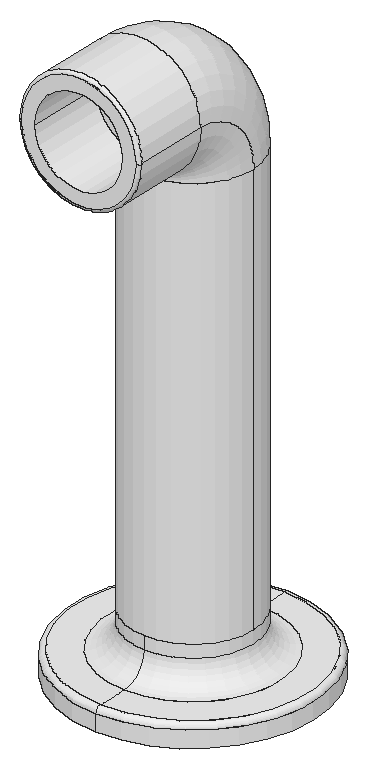
Revit family "Spout-American_Standard-Studio_S-8888_Series", category Plumbing Fixtures, host Face, Revit 2018
Family settings
  Host = Face
  Round Connector Dimension = Use Diameter
  Part Type = Normal
  OmniClass Number = 23.45.05.14.17
  OmniClass Title = Showers
  Cut with Voids When Loaded = No
  Shared = Yes
  Room Calculation Point = No
Parameters (values of type "8888.316")
  Width = 2 3/4"  # constant formula
  Water Connection Radius = 1/4"  # constant formula
  Water Connection Diameter = Water Connection Radius * 2  # 1/2"
  Waste Connection = yes
  Warranty Information = "Limited Lifetime Function and Finish Warranty"  # constant formula
  WFU = 4  # constant formula
  Vent Connection = no
  URL = "https://www.americanstandard-us.com/"
  Type Comments = ""
  Product Page URL = "https://www.americanstandard-us.com/bathroom/shower-faucets/studio-s-slip-on-diverter-tub-spout-32028"
  Price = "Prices may vary. Please consult Manufacturer Representative for most up-to-date price list."  # constant formula
  Pop-up handle = no
  Model = "8888.316"
  Material = "Metal-American Standard-002-Polished Chrome"
  Manufacturer = "American Standard"  # constant formula
  Length = 6 1/8"  # constant formula
  Installation Type = "Wall Mounted"  # constant formula
  HWFU = 3  # constant formula
  HW Connection = yes
  Finish = Metal-American Standard-002-Polished Chrome
  Description = "Slip-On Non-Diverter Tub Spout"
  Default Elevation = 21"  # constant formula
  Creation Date = "01/11/2018"  # constant formula
  CWFU = 3  # constant formula
  CW Connection = yes
  Assembly Code = "D2020300"
Types (5): name | Pop-up handle | Model | Description
  (no name) | no | "8888.316" | "Slip-On Non-Diverter Tub Spout"
  8888.316 | no | "8888.316" | "Slip-On Non-Diverter Tub Spout"
  8888.317 | no | "8888.317" | "Non-Diverter 1/2 IPS Tub Spout"
  8888.318 | yes | "8888.318" | "Slip-On-Diverter Tub Spout"
  8888.319 | yes | "8888.319" | "Diverter 1/2 IPS Tub Spout"
Reference planes (in)
  plane 1 "Center (Front/Back)": y = 0
  plane 2: z = 0
  plane 3 "Center (Left/Right)": x = 0
  plane 4: z = 6.125
  plane 5: y = -1.375
  plane 6: y = 1.375
Forms (in)
  Revolve 1, solid, material "Metal-American Standard-002-Polished Chrome" <- "Finish"
    sketch origin (0, 0, 0) x (0, 1, 0) y (0, 0, 1)
      loop
        line (-1.375, 0) -> (0, 0) -> (0, 0.67712) -> (-0.68766, 0.67712) -> (-0.68766, 0.5358)
        arc (-0.68766, 0.5358) -> (-0.77137, 0.33371) -> (-0.97346, 0.25) r 0.2858
        line (-0.97346, 0.25) -> (-1.3127, 0.25)
        arc (-1.3127, 0.25) -> (-1.35675, 0.23175) -> (-1.375, 0.1877) r 0.0623
        line (-1.375, 0.1877) -> (-1.375, 0)
      axis (0, 0.67712) -> (0, 0)
    angle from 0 to 360
  Sweep 2, solid, material "Metal-American Standard-002-Polished Chrome" <- "Finish"
    path origin (0, 0, 0) x (0, 1, 0) y (0, 0, 1)
      loop
        line (0, 0.67712) -> (0, 5.375)
        arc (0, 5.375) -> (-0.21967, 5.90533) -> (-0.75, 6.125) r 0.75
        line (-0.75, 6.125) -> (-1.62033, 6.125)
    profile origin (0, 0, 3.02606) x (0, -1, 0) y (1, 0, 0)
      loop
        circle (0, 0) r 0.68766
  Revolve 3, solid, material "Metal-American Standard-002-Polished Chrome" <- "Finish", visible <- "Pop-up handle"
    sketch origin (0, 22.29942, 1) x (0, 1, 0) y (0, 0, 1)
      loop
        line (-22.11317, 5.38267) -> (-22.11317, 5.125) -> (-21.1241, 5.125)
        arc (-21.1241, 5.125) -> (-21.12565, 5.24508) -> (-21.13979, 5.36434) r 1.14382
        arc (-21.13979, 5.36434) -> (-21.14732, 5.37748) -> (-21.16155, 5.38267) r 0.02208
        line (-21.16155, 5.38267) -> (-22.11317, 5.38267)
      axis (-22.11317, 5.125) -> (-21.1241, 5.125)
    angle from 0 to 360
  Sweep 4, void
    path origin (0, -1.62033, 6.125) x (1, 0, 0) y (0, 0, 1)
      loop
        circle (0, 0) r 0.68766
    profile origin (0, -1.62033, 5.43734) x (0, 0, -1) y (0, -1, 0)
      loop
        line (0, 0) -> (-0.03547, 0)
        arc (-0.03547, 0) -> (-0.01039, -0.01039) -> (0, -0.03547) r 0.03547
        line (0, -0.03547) -> (0, 0)
  Extrusion 5, void
    sketch origin (0, 0, 0) x (1, 0, 0) y (0, 0, 1)
      loop
        circle (0, 6.125) r 0.5
    from 0.76092 to 1.62033
Cuts and joins
  Sweep 4, Extrusion 5 cuts Revolve 1
  Sweep 4, Extrusion 5 cuts Sweep 2
  joined: Revolve 1, Sweep 2
Lines and regions (in)
  Masking region 1
    outline origin (0, 0, 0) x (1, 0, 0) y (0, 0, 1)
      loop
        line (1.375, 0) -> (1.375, 0.19153)
        arc (1.375, 0.19153) -> (1.35766, 0.23339) -> (1.3158, 0.25073) r 0.0592
        line (1.3158, 0.25073) -> (0.97708, 0.25073)
        arc (0.97708, 0.25073) -> (0.77391, 0.33489) -> (0.68975, 0.53806) r 0.28733
        line (0.68975, 0.53806) -> (0.68975, 6.125)
        arc (0.68975, 6.125) -> (0, 6.81475) -> (-0.68975, 6.125) r 0.68975
        line (-0.68975, 6.125) -> (-0.68975, 0.53806)
        arc (-0.68975, 0.53806) -> (-0.77391, 0.33489) -> (-0.97708, 0.25073) r 0.28733
        line (-0.97708, 0.25073) -> (-1.3158, 0.25073)
        arc (-1.3158, 0.25073) -> (-1.35766, 0.23339) -> (-1.375, 0.19153) r 0.0592
        line (-1.375, 0.19153) -> (-1.375, 0) -> (1.375, 0)
  symbolic lines, visible <- "Pop-up handle", detail levels medium+fine
    curve 1: circle (0, 0, 6.125) r 0.25 normal (0, -1, 0)
  symbolic lines, detail levels medium+fine
    curve 2: line (0.97708, 0, 0.25073) -> (-0.97708, 0, 0.25073)
Dimensions and locks (in)
  "Length": plane 2 to plane 4
  "Width": plane 6 to plane 5
  plane 1 "Center (Front/Back)" to cut or joined group of Revolve 1, Sweep 2, Sweep 4, Extrusion 5 = 1.62033"
  aligned and locked: plane 2 to host face
  aligned and locked: level to host face
  aligned and locked: Sweep 2 to Extrusion 5
Automatic sketch dimensions
  host sketch curve to host sketch curve = 96"  (x2)
  Revolve 1 sketch curve to plane 5 = 0"
  Revolve 1 sketch curve to plane 1 "Center (Front/Back)" = 0"  (x2)
  Revolve 1 sketch curve to level = 0"
  plane 5 to Revolve 1 sketch curve = 0.0623"
  plane 5 to Revolve 1 sketch curve = 0.40154"
  Revolve 1 sketch curve to Revolve 1 sketch curve = 0.2858"
  Revolve 1 sketch curve to Revolve 1 sketch curve = 0.1877"
  Revolve 1 sketch curve to Revolve 1 sketch curve = 0.14132"
  Revolve 1 sketch curve to plane 4 = 1.07908"
  Revolve 1 sketch curve to Revolve 1 sketch curve = 1/2"
  plane 4 to Sweep 2 sketch curve = 0"
  Sweep 2 sketch curve to plane 1 "Center (Front/Back)" = 0"
  plane 5 to Sweep 2 sketch curve = 5/8"
  Sweep 2 sketch curve to plane 5 = 0.24533"
  level to Sweep 2 sketch curve = 0.67712"
  Sweep 2 sketch curve to plane 3 "Center (Left/Right)" = 0"
  Sweep 2 sketch curve to profile plane = 0"
  plane 4 to Revolve 3 sketch curve = 0"  (x2)
  Revolve 3 sketch curve to plane 1 "Center (Front/Back)" = 0.03241"
  Revolve 3 sketch curve to Revolve 3 sketch curve = 0.15385"
  plane 6 to Revolve 3 sketch curve = 0.23712"
  plane 6 to Revolve 3 sketch curve = 0.19968"
  Revolve 3 sketch curve to plane 4 = 0.04527"
  Revolve 3 sketch curve to plane 4 = 0.23559"
  Revolve 3 sketch curve to plane 4 = 0.25767"
  Revolve 3 sketch curve to Revolve 3 sketch curve = 0.05313"
  Revolve 3 sketch curve to Revolve 3 sketch curve = 0.05014"
  profile plane to Sweep 4 sketch curve = 0"
  Sweep 4 sketch curve to Sweep 4 sketch curve = 0"  (x2)
  Sweep 4 sketch curve to profile plane = 0"  (x3)
  profile plane to Sweep 4 sketch curve = 0.03547"
  Extrusion 5 sketch curve to plane 3 "Center (Left/Right)" = 0"
  Extrusion 5 sketch curve to plane 4 = 0"
  Masking region 1 sketch curve to level = 0"
  Masking region 1 sketch curve to plane 4 = 0"
  Masking region 1 sketch curve to plane 3 "Center (Left/Right)" = 0"
  Masking region 1 sketch curve to Masking region 1 sketch curve = 0.68975"
  Masking region 1 sketch curve to Masking region 1 sketch curve = 0.33872"  (x2)
  Masking region 1 sketch curve to Masking region 1 sketch curve = 0.0592"  (x2)
  Masking region 1 sketch curve to Masking region 1 sketch curve = 0.28733"  (x2)
  level to Masking region 1 sketch curve = 0.19153"
  Masking region 1 sketch curve to Masking region 1 sketch curve = 0.19153"
  curve 1 to plane 3 "Center (Left/Right)" = 0"
  curve 1 to plane 4 = 0"
  level to curve 2 = 0.25073"
  curve 2 to plane 3 "Center (Left/Right)" = 0.97708"
  plane 3 "Center (Left/Right)" to curve 2 = 0.97708"
  radius of Sweep 2 sketch curve = 0.68766"
  radius of Sweep 4 sketch curve to Sweep 2 = 0"
  radius of Extrusion 5 sketch curve = 1/2"
  radius of curve 1 = 1/4"
Connectors (in)
  piping at (0, 0, 0), diameter 0.5, driven by "Water Connection Diameter"
    settings: on cut or joined group of Revolve 1, Sweep 2, Sweep 4, Extrusion 5, index 1, connector inside diameter 24", connector length 0", flow factor 0, pipe flow 0 GPM, pressure drop 0.00 psi, fitting loss kfactor 0, connector angle 0.00°, fixture units 0, engagement length 0", angle of deflection 0.00°, flow configuration 0, flow direction 1, fitting loss method 0, system type 29, joint type 0, gender type 0, connector reference index -1, connector utility 0, adjustable connector no, is connector primary yes, connector description "1/2\" Water Supply Inlet"
